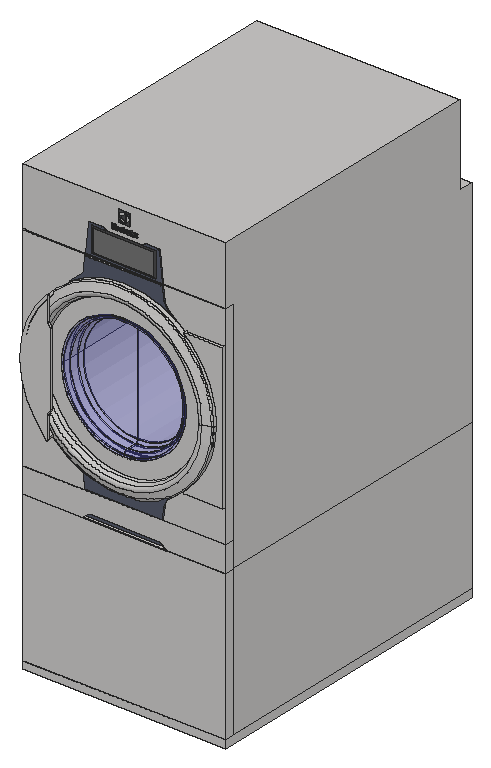
Revit family "TD6-20 Electric", category Attrezzature speciali, Revit 2014
Parameters
  Show Logo [instance] = yes
  Show Clearance [instance] = yes
  Manufacturer = ""
  Model = ""
  Description = ""
Reference planes
  plane 1: z = 0
  plane 2 "BACK": y = 652.5
  plane 3 "FRONT": y = -549.5
  plane 4 "LEFT": x = -799
  plane 5 "RIGHT": x = -6
  plane 6 "TOP": z = 1771
  plane 7: y = -601.5
  plane 8: y = -1323.5
Forms (mm)
  Extrusion 1, solid, material "QF_Finishes_Stainless Steel"
    sketch origin (718.1, -398.1, 598.796) x (0, 0, -1) y (0, 1, 0)
      loop
        line (-14.704, 1050.6) -> (-855.66, 1050.6) -> (-855.66, 994.6) -> (-941.204, 994.6) -> (-941.204, -115.453) -> (-14.704, -115.453) -> (-14.704, 1050.6)
    from -1517.1 to -724.1
  Extrusion 2, solid, material "QF_Finishes_Stainless Steel"
    sketch origin (718.1, -368.1, 598.796) x (0, 0, -1) y (0, 1, 0)
      loop
        line (568.796, -145.453) -> (568.796, 1020.6) -> (-14.704, 1020.6) -> (-14.704, -145.453) -> (568.796, -145.453)
    from -1517.1 to -724.1
  Sweep 3, solid, material "QF_Finishes_Black"
    path origin (686.327, -549.5, 1684.42) x (0, 0, -1) y (1, 0, 0)
      loop
        line (131.445, -962.809) -> (32.707, -962.809) -> (32.707, -1214.809) -> (131.445, -1214.809) -> (131.445, -962.809)
    profile origin (-276.482, -549.5, 1602.344) x (-1, 0, 0) y (0, -1, 0)
      loop
        line (5, 0) -> (5, 5)
        arc (5, 5) -> (1.464, 3.536) -> (0, 0) r 5
        line (0, 0) -> (5, 0)
  Extrusion 4, solid, material "QF_Finishes_Dark Grey"
    sketch origin (686.327, -549.5, 1684.42) x (0, 0, -1) y (1, 0, 0)
      loop
        line (126.445, -1209.809) -> (126.445, -967.809) -> (37.707, -967.809) -> (37.707, -1209.809) -> (126.445, -1209.809)
    from 0 to 4
  Extrusion 5, void
    sketch origin (889, -517.06, 1195.994) x (0, 0, -1) y (1, 0, 0)
      loop
        circle (69.994, -1291.5) r 245
    from -451.9 to 33.109
  Extrusion 6, solid, material "QF_Finishes_Stainless Steel"
    sketch origin (718.1, 596.5, 1540) x (0, 0, -1) y (-1, 0, 0)
      loop
        circle (43, 834.1) r 12.7
    from 0 to 5
  Extrusion 7, solid, material "QF_Finishes_Stainless Steel"
    sketch origin (653.455, 652.5, 172.018) x (0, 0, 1) y (1, 0, 0)
      loop
        circle (67.982, -1277.455) r 100
    from 0 to 5
  Extrusion 8, solid, material "QF_Finishes_Stainless Steel"
    sketch origin (-499, 0, 0) x (0, 1, 0) y (0, 0, 1)
      loop
        line (596.5, 1540) -> (596.5, 1771) -> (-549.5, 1771) -> (-549.5, 1541.816)
        arc (-549.5, 1541.816) -> (-548.968, 1540.532) -> (-547.684, 1540) r 1.816
        line (-547.684, 1540) -> (596.5, 1540)
    from -300 to 493
  Extrusion 9, solid, material "QF_Finishes_Stainless Steel"
    sketch origin (0, 0, 1114.3) x (-1, 0, 0) y (0, -1, 0)
      loop
        line (799, -652.5) -> (799, 549.5) -> (6, 549.5) -> (6, -652.5) -> (799, -652.5)
    from -1114.3 to -1084.3
  Extrusion 10, solid, material "QF_Finishes_Stainless Steel"
    sketch origin (-499, -118.96, 0) x (0, 1, 0) y (0, 0, 1)
      loop
        line (-394.593, 1540) -> (-430.54, 1540) -> (-430.54, 713.5) -> (-394.593, 713.5) -> (-394.593, 1540)
    from -300 to 493
  Extrusion 11, solid, material "QF_Finishes_Stainless Steel"
    sketch origin (-499, -118.96, 0) x (0, 1, 0) y (0, 0, 1)
      loop
        line (-430.54, 713.5) -> (-430.54, 613.5) -> (-394.593, 613.5) -> (-394.593, 713.5) -> (-430.54, 713.5)
    from -300 to 493
  Extrusion 12, solid, material "QF_Finishes_Stainless Steel"
    sketch origin (-499, -118.96, 0) x (0, 1, 0) y (0, 0, 1)
      loop
        line (-394.593, 613.5) -> (-430.54, 613.5) -> (-430.54, 30) -> (-394.593, 30) -> (-394.593, 613.5)
    from -300 to 493
  Sweep 13, solid, material "QF_Finishes_Stainless Steel"
    path origin (-409, -549.5, 1444.576) x (0, 0, -1) y (1, 0, 0)
      loop
        circle (318.576, 6.5) r 366.295
    profile origin (-402.5, -549.5, 1492.295) x (0, 0, -1) y (0, -1, 0)
      loop
        line (0, 0) -> (60.401, 0)
        arc (60.401, 0) -> (59.825, 6.814) -> (57.535, 13.257) r 26.651
        line (57.535, 13.257) -> (49.537, 28.994)
        arc (49.537, 28.994) -> (42.511, 35.32) -> (33.058, 35.302) r 13.156
        line (33.058, 35.302) -> (4.309, 24.168)
        arc (4.309, 24.168) -> (1.18, 21.691) -> (0, 17.88) r 6.744
        line (0, 17.88) -> (0, 0)
  Extrusion 14, solid, material "QF_Finishes_Stainless Steel"
    sketch origin (889, -689.525, 1195.994) x (0, 0, -1) y (1, 0, 0)
      loop
        line (353.669, -897.598) -> (-212.997, -897.549) -> (-213.01, -1046.361)
        arc (-213.01, -1046.361) -> (-212.131, -1048.481) -> (-210.011, -1049.36) r 2.999
        line (-210.011, -1049.36) -> (-204.852, -1049.36)
        arc (-204.852, -1049.36) -> (-80.8, -957.683) -> (69.994, -925.205) r 366.295
        arc (69.994, -925.205) -> (220.927, -957.746) -> (345.042, -1049.589) r 366.295
        line (345.042, -1049.589) -> (350.683, -1049.589)
        arc (350.683, -1049.589) -> (352.804, -1048.711) -> (353.682, -1046.59) r 2.999
        line (353.682, -1046.59) -> (353.669, -897.598)
    from -140.025 to -130.025
  Revolve 15, solid, material "QF_Door-Drawer Clearances", visible <- "Show Clearance", detail levels coarse
    sketch origin (889, -601.5, 1195.994) x (0, 0, -1) y (1, 0, 0)
      loop
        circle (69.994, -1291.5) r 366.295
      axis (69.994, -924.023) -> (68.994, -924.023)
    angle from 0 to -90
  Revolve 16, solid, material "QF_Finishes_Glass"
    sketch origin (-402.863, -289.313, 555.02) x (0, 1, 0) y (0, 0, 1)
      loop
        arc (-190.673, 783.338) -> (-195.066, 793.945) -> (-205.673, 798.338) r 15
        line (-205.673, 798.338) -> (-244.95, 798.338)
        arc (-244.95, 798.338) -> (-252.021, 801.267) -> (-254.95, 808.338) r 10
        line (-254.95, 808.338) -> (-254.95, 816.338) -> (-259.95, 816.338) -> (-259.95, 808.338)
        arc (-259.95, 808.338) -> (-255.556, 797.732) -> (-244.95, 793.338) r 15
        line (-244.95, 793.338) -> (-205.673, 793.338)
        arc (-205.673, 793.338) -> (-198.602, 790.409) -> (-195.673, 783.338) r 10
        line (-195.673, 783.338) -> (-195.673, 570.975) -> (-190.673, 570.975) -> (-190.673, 783.338)
      axis (-259.95, 570.975) -> (-190.673, 570.975)
    angle from 0 to 360
  Extrusion 17, solid, material "QF_Finishes_Stainless Steel"
    sketch origin (-529, -549.5, 1444.576) x (0, 0, -1) y (1, 0, 0)
      loop
        arc (176.622, -119.08) -> (174.216, -119.45) -> (172.033, -120.527) r 8
        line (172.033, -120.527) -> (158.099, -130.284)
        arc (158.099, -130.284) -> (155.934, -131.338) -> (153.554, -131.7) r 8
        line (153.554, -131.7) -> (65.736, -131.7)
        arc (65.736, -131.7) -> (63.285, -133.352) -> (63.896, -136.244) r 2.645
        arc (63.896, -136.244) -> (318.617, -239.419) -> (573.315, -136.187) r 365.919
        arc (573.315, -136.187) -> (573.918, -133.331) -> (571.497, -131.7) r 2.612
        line (571.497, -131.7) -> (483.599, -131.7)
        arc (483.599, -131.7) -> (481.193, -131.33) -> (479.01, -130.253) r 8
        line (479.01, -130.253) -> (465.119, -120.527)
        arc (465.119, -120.527) -> (462.936, -119.45) -> (460.53, -119.08) r 8
        line (460.53, -119.08) -> (176.622, -119.08)
    from 47.713 to 52
  Extrusion 18, solid, material "QF_Finishes_Stainless Steel"
    sketch origin (-529, -601.5, 1444.576) x (0, 0, -1) y (1, 0, 0)
      loop
        arc (63.896, -136.244) -> (318.617, -239.419) -> (573.315, -136.187) r 365.919
        line (573.315, -136.187) -> (563.547, -131.7)
        arc (563.547, -131.7) -> (318.584, -229.419) -> (73.616, -131.711) r 355.919
        line (73.616, -131.711) -> (63.896, -136.244)
    from -4.287 to -34.753
  Extrusion 19, void
    sketch origin (-401.334, -549.5, 611.842) x (0, 0, 1) y (1, 0, 0)
      loop
        arc (1.908, -169.725) -> (2.027, -168.962) -> (2.374, -168.272) r 2.499
        line (2.374, -168.272) -> (21.699, -140.672)
        arc (21.699, -140.672) -> (23.335, -137.382) -> (23.898, -133.751) r 11.994
        line (23.898, -133.751) -> (23.897, 130.467)
        arc (23.897, 130.467) -> (23.336, 134.095) -> (21.703, 137.383) r 11.994
        line (21.703, 137.383) -> (2.374, 164.988)
        arc (2.374, 164.988) -> (2.027, 165.678) -> (1.908, 166.441) r 2.499
        line (1.908, 166.441) -> (1.908, -169.725)
    from 0 to 13.427
  Extrusion 20, solid, material "QF_Finishes_Blue"
    sketch origin (-499, -549.5, 893.425) x (0, 0, 1) y (-1, 0, 0)
      loop
        arc (767.274, 37.584) -> (765.819, 41.099) -> (762.304, 42.555) r 4.971
        line (762.304, 42.555) -> (650.575, 54.795) -> (650.575, -247.832) -> (761.659, -235.663)
        arc (761.659, -235.663) -> (765.63, -234.018) -> (767.274, -230.047) r 5.615
        line (767.274, -230.047) -> (767.274, -186.505)
        arc (767.274, -186.505) -> (766.484, -180.953) -> (764.209, -175.828) r 20.351
        line (764.209, -175.828) -> (758.288, -166.304) -> (758.288, -222.518) -> (659.55, -222.518) -> (659.55, 29.482) -> (758.288, 29.482) -> (758.288, -26.732) -> (764.209, -17.208)
        arc (764.209, -17.208) -> (766.483, -12.086) -> (767.274, -6.538) r 20.35
        line (767.274, -6.538) -> (767.274, 37.584)
    from 0 to 1.6
  Extrusion 21, solid, material "QF_Finishes_Blue"
    sketch origin (-499, -549.5, 893.425) x (0, 0, 1) y (-1, 0, 0)
      loop
        arc (594.486, 60.933) -> (579.244, 65.533) -> (566.695, 75.331) r 43.3
        line (566.695, 75.331) -> (532.276, 114.098)
        arc (532.276, 114.098) -> (598.87, -96.026) -> (532.82, -306.322) r 366.295
        line (532.82, -306.322) -> (566.695, -268.167)
        arc (566.695, -268.167) -> (579.244, -258.37) -> (594.486, -253.77) r 43.3
        line (594.486, -253.77) -> (642.075, -248.6) -> (642.075, 55.764) -> (594.486, 60.933)
    from 0 to 1.6
  Extrusion 22, solid, material "QF_Finishes_Blue"
    sketch origin (-499, -549.5, 893.425) x (0, 0, 1) y (-1, 0, 0)
      loop
        line (-129.403, 60.926) -> (-176.925, 55.764) -> (-176.925, -248.6) -> (-129.403, -253.763)
        arc (-129.403, -253.763) -> (-114.123, -258.355) -> (-101.544, -268.169) r 43.3
        line (-101.544, -268.169) -> (-67.671, -306.321)
        arc (-67.671, -306.321) -> (-133.72, -96.026) -> (-67.127, 114.098) r 366.295
        line (-67.127, 114.098) -> (-101.544, 75.332)
        arc (-101.544, 75.332) -> (-114.123, 65.518) -> (-129.403, 60.926) r 43.3
    from 0 to 1.6
Cuts and joins
  Extrusion 5 cuts Extrusion 1
  Extrusion 5 cuts Extrusion 8
  joined: Extrusion 1, Extrusion 8
  Extrusion 5 cuts Extrusion 10
  Extrusion 19 cuts Extrusion 11
  joined: Sweep 13, Extrusion 14, Extrusion 17, Extrusion 18
Lines and regions (mm)
  Split face 1
    outline origin (-6, -549.5, 1540) x (-1, 0, 0) y (0, 0, -1)
      loop
        circle (396.5, 414) r 305.895
  symbolic lines
    curve 1: line (-6, 652.5, 1771) -> (-799, 652.5, 1771)
    curve 2: line (-799, -549.5, 1771) -> (-6, -549.5, 1771)
    curve 3: line (-6, 652.5, 0) -> (-6, -549.5, 0)
    curve 4: line (-799, 652.5, 0) -> (-799, -549.5, 0)
    curve 6: line (-6, 596.5, 0) -> (-799, 596.5, 0)
  symbolic lines, style "QF_Door-Drawer Clearances", visible <- "Show Clearance"
    curve 5: line (-6, -1323.5, 0) -> (-6, -549.5, 0)
    curve 7: arc (-768.795, -549.5, 0) -> (-549.88, -1096.63, 0) -> (-6, -1323.5, 0) r 761.144
  symbolic lines, style "SpecialityEquipment"
    curve 8: line (-8.549, -559.5, 0) -> (-8.549, -549.5, 0)
    curve 9: line (-160.36, -559.5, 0) -> (-8.549, -559.5, 0)
    curve 10: line (-160.36, -549.5, 0) -> (-160.36, -559.5, 0)
    curve 11: line (-768.419, -601.5, 0) -> (-659.284, -601.5, 0)
    curve 12: line (-659.284, -597.213, 0) -> (-758.419, -597.213, 0)
    curve 13: line (-758.419, -569.602, 0) -> (-758.419, -597.213, 0)
    curve 14: line (-659.284, -597.213, 0) -> (-659.284, -601.5, 0)
    curve 15: line (-768.419, -569.602, 0) -> (-758.419, -569.602, 0)
    curve 16: line (-74.013, -585.689, 0) -> (-758.419, -585.689, 0)
    curve 17: line (-768.419, -569.602, 0) -> (-768.419, -601.5, 0)
    curve 18: line (-40.513, -573.668, 0) -> (-758.419, -573.668, 0)
    curve 19: line (-768.795, -549.5, 0) -> (-768.795, -567.38, 0)
    curve 20: arc (-768.795, -567.38, 0) -> (-768.701, -568.507, 0) -> (-768.419, -569.602, 0) r 6.744
    curve 21: line (-36.205, -559.5, 0) -> (-36.205, -567.38, 0)
    curve 22: line (-40.513, -573.668, 0) -> (-69.262, -584.802, 0)
    curve 23: arc (-36.205, -567.38, 0) -> (-37.385, -571.191, 0) -> (-40.513, -573.668, 0) r 6.744
    curve 24: arc (-74.013, -585.689, 0) -> (-71.597, -585.465, 0) -> (-69.262, -584.802, 0) r 13.156
Dimensions and locks
  plane 4 "LEFT" to plane 5 "RIGHT" = 793 mm
  plane 2 "BACK" to plane 3 "FRONT" = 1202 mm
  plane 6 "TOP" to level = 1771 mm
  Extrusion 2 to Extrusion 2 = 583.5 mm
  Extrusion 6 sketch curve to plane 6 "TOP" = 274 mm
  plane 5 "RIGHT" to Extrusion 6 sketch curve = 110 mm
  level to Extrusion 7 sketch curve = 240 mm
  Extrusion 7 sketch curve to plane 4 "LEFT" = 175 mm
  plane 2 "BACK" to plane 7 = 1254 mm
  plane 2 "BACK" to plane 8 = 1976 mm
  aligned and locked: level to plane 1
  aligned and locked: Extrusion 1 to plane 4 "LEFT"
  aligned and locked: plane 5 "RIGHT" to Extrusion 1
  aligned and locked: Extrusion 2 to plane 4 "LEFT"
  aligned and locked: plane 5 "RIGHT" to Extrusion 2
  aligned and locked: plane 5 "RIGHT" to Extrusion 8
  aligned and locked: Extrusion 8 to plane 4 "LEFT"
  aligned and locked: plane 5 "RIGHT" to Extrusion 12
  aligned and locked: Extrusion 12 to plane 4 "LEFT"
  aligned and locked: Extrusion 11 to plane 4 "LEFT"
  aligned and locked: plane 5 "RIGHT" to Extrusion 11
  aligned and locked: Extrusion 10 to plane 4 "LEFT"
  aligned and locked: plane 5 "RIGHT" to Extrusion 10
  aligned and locked: Extrusion 18 to Extrusion 17
Nested families
  nested 1: "ELX_Logo_S_New" at (-415.511, -549.5, 1674.59) x (1, 0, 0) z (0, -1, 0), visible <- "Show Logo", type "ELX_Logo_S_New"
    with Material QF_Finishes_Black
  nested 2: "ELX_Logo_Symbol_S" at (-394.886, -549.5, 1729.274) x (-1, 0, 0) z (0, -1, 0), visible <- "Show Logo", type "ELX_Logo_Symbol_S"
    with Material QF_Finishes_Black
Connectors
  piping at (-624, 657.5, 240), diameter 200
    settings: on Extrusion 7, index 3, connector inside diameter 609.6 mm, connector length 0 mm, flow factor 0, pipe flow 0.0 L/s, pressure drop 0.0 Pa, fitting loss kfactor 0, connector angle 0.00°, fixture units 0, engagement length 0 mm, angle of deflection 0.00°, flow configuration 1, flow direction 2, fitting loss method 0, system type 7, joint type 0, gender type 0, connector reference index -1, connector utility 0, adjustable connector no, is connector primary yes, connector description "Exhaust Connection"
  electrical at (-116, 601.5, 1497)
    settings: on Extrusion 6, index 4, voltage 0 V, apparent load 0 VA, apparent load phase1 0 VA, apparent load phase2 0 VA, apparent load phase3 0 VA, power factor 1, load classification "Other", number of poles 1, system type 30, power factor state 1, is connector primary yes, connector utility no, sub classification motor no, connector description "Electrical Connection"
Definition of nested family "ELX_Logo_S_New"
  Parameters (values of type "ELX_Logo_S_New")
    Material [instance] = QF_Finishes_Gray
    Default Elevation = 0 mm
  Reference planes
    plane 1 "Centro (Fronte/Retro)": y = 0
    plane 2: z = 0
    plane 3 "Centro (Sinistra/Destra)": x = 0
  Forms (mm)
    Extrusion 1, solid
      sketch origin (0, 0, 0) x (1, 0, 0) y (0, 1, 0)
        loop
          line (-1219.2, 1219.2) -> (-1219.2, -1219.2) -> (1219.2, -1219.2) -> (1219.2, 1219.2) -> (-1219.2, 1219.2)
      from 0 to -304.8
    Extrusion 2, solid, material "QF_Finishes_Gray" <- "Material"
      sketch origin (0, 0, 0) x (1, 0, 0) y (0, 1, 0)
        loop
          spline (-31.006, -2.781) -> (-31.24, -2.771) -> (-31.49, -2.739) -> (-31.748, -2.68) -> (-32.009, -2.591) -> (-32.264, -2.469) -> (-32.508, -2.308) -> (-32.732, -2.105) -> (-32.932, -1.857) -> (-33.099, -1.559) -> (-33.226, -1.207) -> (-33.308, -0.798) -> (-33.337, -0.327)
          line (-33.337, -0.327) -> (-33.337, 1.761) -> (-26.444, 1.761) -> (-26.444, 4.423) -> (-33.338, 4.423) -> (-33.338, 8.299) -> (-26.005, 8.299) -> (-26.005, 10.954) -> (-36.159, 10.954) -> (-36.159, -0.206)
          spline (-36.159, -0.206) -> (-36.134, -0.893) -> (-36.057, -1.54) -> (-35.927, -2.145) -> (-35.743, -2.707) -> (-35.503, -3.222) -> (-35.206, -3.689) -> (-34.85, -4.106) -> (-34.433, -4.47) -> (-33.955, -4.779) -> (-33.414, -5.031) -> (-32.809, -5.223) -> (-32.137, -5.354)
          line (-32.137, -5.354) -> (-31.029, -5.433) -> (-25.809, -5.433) -> (-25.809, -2.781) -> (-31.006, -2.781)
        loop
          line (-23.804, 3.211) -> (-23.804, -5.437) -> (-20.982, -5.437) -> (-20.982, 10.958) -> (-23.804, 10.958) -> (-23.804, 3.211)
        loop
          spline (-7.052, -0.2) -> (-7.034, 0.688) -> (-7.119, 1.546) -> (-7.304, 2.368) -> (-7.586, 3.144) -> (-7.962, 3.868) -> (-8.426, 4.531) -> (-8.977, 5.126) -> (-9.61, 5.644) -> (-10.321, 6.077) -> (-11.107, 6.419) -> (-11.964, 6.66) -> (-12.889, 6.793)
          spline (-12.889, 6.793) -> (-13.767, 6.742) -> (-14.602, 6.592) -> (-15.387, 6.346) -> (-16.116, 6.008) -> (-16.782, 5.583) -> (-17.379, 5.073) -> (-17.902, 4.483) -> (-18.343, 3.816) -> (-18.697, 3.077) -> (-18.958, 2.269) -> (-19.119, 1.395) -> (-19.174, 0.46)
          spline (-19.174, 0.46) -> (-19.121, -0.452) -> (-18.964, -1.304) -> (-18.71, -2.094) -> (-18.362, -2.816) -> (-17.926, -3.468) -> (-17.406, -4.045) -> (-16.808, -4.544) -> (-16.137, -4.96) -> (-15.397, -5.291) -> (-14.594, -5.532) -> (-13.733, -5.679) -> (-12.817, -5.729)
          spline (-12.817, -5.729) -> (-12.371, -5.719) -> (-11.93, -5.685) -> (-11.493, -5.626) -> (-11.062, -5.54) -> (-10.636, -5.425) -> (-10.216, -5.277) -> (-9.8, -5.096) -> (-9.391, -4.879) -> (-8.987, -4.623) -> (-8.588, -4.326) -> (-8.196, -3.987) -> (-7.809, -3.603)
          line (-7.809, -3.603) -> (-9.51, -1.949)
          spline (-9.51, -1.949) -> (-9.734, -2.164) -> (-9.959, -2.362) -> (-10.188, -2.542) -> (-10.422, -2.703) -> (-10.662, -2.846) -> (-10.913, -2.971) -> (-11.174, -3.077) -> (-11.449, -3.163) -> (-11.739, -3.231) -> (-12.047, -3.28) -> (-12.374, -3.309) -> (-12.723, -3.319)
          spline (-12.723, -3.319) -> (-13.234, -3.294) -> (-13.713, -3.219) -> (-14.158, -3.098) -> (-14.568, -2.931) -> (-14.94, -2.72) -> (-15.272, -2.469) -> (-15.562, -2.177) -> (-15.809, -1.849) -> (-16.009, -1.485) -> (-16.162, -1.088) -> (-16.264, -0.659) -> (-16.314, -0.2)
          line (-16.314, -0.2) -> (-7.052, -0.2)
        loop
          spline (-9.888, 1.784) -> (-9.915, 2.133) -> (-9.995, 2.469) -> (-10.124, 2.788) -> (-10.298, 3.088) -> (-10.514, 3.365) -> (-10.768, 3.615) -> (-11.056, 3.836) -> (-11.376, 4.024) -> (-11.722, 4.176) -> (-12.092, 4.289) -> (-12.482, 4.359) -> (-12.889, 4.383)
          spline (-12.889, 4.383) -> (-13.325, 4.36) -> (-13.744, 4.291) -> (-14.144, 4.18) -> (-14.52, 4.03) -> (-14.868, 3.844) -> (-15.186, 3.624) -> (-15.469, 3.375) -> (-15.715, 3.099) -> (-15.919, 2.798) -> (-16.077, 2.477) -> (-16.186, 2.138) -> (-16.243, 1.784)
          line (-16.243, 1.784) -> (-9.888, 1.784)
        loop
          spline (-2.737, 0.532) -> (-2.704, 1.057) -> (-2.61, 1.555) -> (-2.457, 2.022) -> (-2.249, 2.455) -> (-1.991, 2.851) -> (-1.685, 3.205) -> (-1.336, 3.514) -> (-0.948, 3.775) -> (-0.524, 3.984) -> (-0.067, 4.138) -> (0.417, 4.233) -> (0.926, 4.265)
          spline (0.926, 4.265) -> (1.238, 4.255) -> (1.537, 4.226) -> (1.824, 4.178) -> (2.098, 4.112) -> (2.362, 4.027) -> (2.615, 3.925) -> (2.858, 3.806) -> (3.093, 3.67) -> (3.318, 3.518) -> (3.536, 3.349) -> (3.746, 3.165) -> (3.95, 2.966)
          line (3.95, 2.966) -> (5.699, 4.785)
          spline (5.699, 4.785) -> (5.351, 5.133) -> (4.992, 5.446) -> (4.624, 5.724) -> (4.246, 5.969) -> (3.859, 6.181) -> (3.463, 6.362) -> (3.059, 6.512) -> (2.646, 6.633) -> (2.226, 6.725) -> (1.8, 6.79) -> (1.366, 6.828) -> (0.926, 6.841)
          spline (0.926, 6.841) -> (0.044, 6.786) -> (-0.801, 6.626) -> (-1.601, 6.367) -> (-2.349, 6.014) -> (-3.037, 5.573) -> (-3.658, 5.051) -> (-4.204, 4.453) -> (-4.668, 3.785) -> (-5.041, 3.053) -> (-5.318, 2.263) -> (-5.489, 1.421) -> (-5.548, 0.532)
          spline (-5.548, 0.532) -> (-5.489, -0.357) -> (-5.318, -1.199) -> (-5.041, -1.989) -> (-4.668, -2.721) -> (-4.204, -3.389) -> (-3.658, -3.987) -> (-3.037, -4.509) -> (-2.349, -4.95) -> (-1.601, -5.303) -> (-0.801, -5.562) -> (0.044, -5.722) -> (0.926, -5.777)
          spline (0.926, -5.777) -> (1.366, -5.764) -> (1.8, -5.726) -> (2.226, -5.662) -> (2.646, -5.569) -> (3.059, -5.449) -> (3.463, -5.298) -> (3.859, -5.117) -> (4.246, -4.905) -> (4.624, -4.66) -> (4.992, -4.382) -> (5.351, -4.069) -> (5.699, -3.721)
          line (5.699, -3.721) -> (3.95, -1.902)
          spline (3.95, -1.902) -> (3.746, -2.101) -> (3.536, -2.285) -> (3.318, -2.453) -> (3.093, -2.606) -> (2.858, -2.742) -> (2.615, -2.861) -> (2.362, -2.964) -> (2.098, -3.048) -> (1.824, -3.114) -> (1.537, -3.162) -> (1.238, -3.191) -> (0.926, -3.201)
          spline (0.926, -3.201) -> (0.417, -3.169) -> (-0.067, -3.074) -> (-0.524, -2.92) -> (-0.948, -2.711) -> (-1.336, -2.45) -> (-1.685, -2.141) -> (-1.991, -1.787) -> (-2.249, -1.391) -> (-2.457, -0.958) -> (-2.61, -0.491) -> (-2.704, 0.007) -> (-2.737, 0.532)
        loop
          spline (12.895, -2.785) -> (12.646, -2.789) -> (12.379, -2.77) -> (12.102, -2.724) -> (11.82, -2.646) -> (11.542, -2.531) -> (11.274, -2.376) -> (11.024, -2.175) -> (10.797, -1.924) -> (10.602, -1.618) -> (10.445, -1.253) -> (10.334, -0.824) -> (10.275, -0.327)
          line (10.275, -0.327) -> (10.275, 3.855) -> (12.842, 3.855) -> (12.842, 6.419) -> (10.278, 6.419) -> (10.278, 10.958) -> (7.456, 10.958) -> (7.456, -0.488)
          spline (7.456, -0.488) -> (7.516, -1.152) -> (7.626, -1.776) -> (7.785, -2.359) -> (7.996, -2.899) -> (8.26, -3.392) -> (8.577, -3.837) -> (8.951, -4.232) -> (9.38, -4.575) -> (9.868, -4.864) -> (10.415, -5.096) -> (11.023, -5.27) -> (11.693, -5.383)
          line (11.693, -5.383) -> (12.885, -5.437) -> (12.895, -2.785)
        loop
          spline (22.391, 6.583) -> (21.903, 6.613) -> (21.433, 6.605) -> (20.982, 6.558) -> (20.553, 6.476) -> (20.145, 6.358) -> (19.76, 6.207) -> (19.401, 6.022) -> (19.067, 5.807) -> (18.76, 5.561) -> (18.482, 5.286) -> (18.234, 4.984) -> (18.016, 4.655)
          line (18.016, 4.655) -> (18.016, 6.418) -> (15.217, 6.418) -> (15.217, -5.437) -> (18.016, -5.437) -> (18.016, 0.797)
          spline (18.016, 0.797) -> (18.042, 1.269) -> (18.118, 1.71) -> (18.242, 2.117) -> (18.412, 2.488) -> (18.627, 2.822) -> (18.884, 3.117) -> (19.182, 3.371) -> (19.518, 3.583) -> (19.892, 3.751) -> (20.3, 3.873) -> (20.742, 3.947) -> (21.215, 3.972)
          line (21.215, 3.972) -> (22.391, 3.855) -> (22.391, 6.583)
        loop
          spline (35.761, 0.49) -> (35.702, 1.36) -> (35.53, 2.189) -> (35.253, 2.971) -> (34.878, 3.698) -> (34.414, 4.364) -> (33.867, 4.963) -> (33.246, 5.488) -> (32.558, 5.932) -> (31.811, 6.289) -> (31.013, 6.552) -> (30.171, 6.715) -> (29.293, 6.771)
          spline (29.293, 6.771) -> (28.409, 6.715) -> (27.564, 6.552) -> (26.763, 6.289) -> (26.016, 5.932) -> (25.328, 5.488) -> (24.708, 4.963) -> (24.163, 4.364) -> (23.701, 3.698) -> (23.328, 2.971) -> (23.053, 2.189) -> (22.882, 1.36) -> (22.823, 0.49)
          spline (22.823, 0.49) -> (22.882, -0.379) -> (23.053, -1.208) -> (23.328, -1.989) -> (23.701, -2.716) -> (24.163, -3.382) -> (24.708, -3.981) -> (25.328, -4.506) -> (26.016, -4.951) -> (26.763, -5.308) -> (27.564, -5.571) -> (28.409, -5.734) -> (29.293, -5.79)
          spline (29.293, -5.79) -> (30.171, -5.734) -> (31.013, -5.571) -> (31.811, -5.308) -> (32.558, -4.951) -> (33.246, -4.506) -> (33.867, -3.981) -> (34.414, -3.382) -> (34.878, -2.716) -> (35.253, -1.989) -> (35.53, -1.208) -> (35.702, -0.379) -> (35.761, 0.49)
        loop
          spline (32.961, 0.49) -> (32.929, 1.004) -> (32.833, 1.493) -> (32.679, 1.955) -> (32.47, 2.385) -> (32.21, 2.779) -> (31.903, 3.134) -> (31.553, 3.445) -> (31.164, 3.709) -> (30.739, 3.921) -> (30.283, 4.077) -> (29.8, 4.174) -> (29.293, 4.207)
          spline (29.293, 4.207) -> (28.781, 4.174) -> (28.294, 4.077) -> (27.836, 3.921) -> (27.411, 3.709) -> (27.022, 3.445) -> (26.673, 3.134) -> (26.368, 2.779) -> (26.11, 2.385) -> (25.903, 1.955) -> (25.75, 1.493) -> (25.656, 1.004) -> (25.624, 0.49)
          spline (25.624, 0.49) -> (25.656, -0.022) -> (25.75, -0.512) -> (25.903, -0.973) -> (26.11, -1.403) -> (26.368, -1.798) -> (26.673, -2.153) -> (27.022, -2.464) -> (27.411, -2.728) -> (27.836, -2.94) -> (28.294, -3.096) -> (28.781, -3.193) -> (29.293, -3.226)
          spline (29.293, -3.226) -> (29.8, -3.193) -> (30.283, -3.096) -> (30.739, -2.94) -> (31.164, -2.728) -> (31.553, -2.464) -> (31.903, -2.153) -> (32.21, -1.798) -> (32.47, -1.403) -> (32.679, -0.973) -> (32.833, -0.512) -> (32.929, -0.022) -> (32.961, 0.49)
        loop
          line (37.497, 3.493) -> (37.497, -5.437) -> (40.321, -5.437) -> (40.321, 10.958) -> (37.497, 10.958) -> (37.497, 3.493)
        loop
          line (50.501, 6.418) -> (50.501, -0.473)
          spline (50.501, -0.473) -> (50.478, -0.921) -> (50.412, -1.325) -> (50.305, -1.686) -> (50.159, -2.005) -> (49.978, -2.282) -> (49.763, -2.52) -> (49.517, -2.718) -> (49.243, -2.878) -> (48.943, -3.001) -> (48.619, -3.087) -> (48.275, -3.139) -> (47.913, -3.155)
          spline (47.913, -3.155) -> (47.55, -3.139) -> (47.206, -3.088) -> (46.883, -3.001) -> (46.583, -2.879) -> (46.309, -2.72) -> (46.063, -2.523) -> (45.849, -2.287) -> (45.667, -2.012) -> (45.522, -1.696) -> (45.414, -1.339) -> (45.348, -0.94) -> (45.326, -0.498)
          line (45.326, -0.498) -> (45.326, 6.418) -> (42.479, 6.418) -> (42.479, -0.733)
          spline (42.479, -0.733) -> (42.53, -1.543) -> (42.676, -2.28) -> (42.911, -2.945) -> (43.228, -3.537) -> (43.621, -4.058) -> (44.082, -4.508) -> (44.604, -4.888) -> (45.18, -5.197) -> (45.804, -5.437) -> (46.468, -5.607) -> (47.165, -5.709) -> (47.89, -5.743)
          spline (47.89, -5.743) -> (48.62, -5.709) -> (49.323, -5.605) -> (49.993, -5.432) -> (50.621, -5.189) -> (51.203, -4.875) -> (51.729, -4.491) -> (52.194, -4.034) -> (52.59, -3.506) -> (52.91, -2.905) -> (53.147, -2.231) -> (53.295, -1.484) -> (53.346, -0.662)
          line (53.346, -0.662) -> (53.346, 6.418) -> (50.501, 6.418)
        loop
          line (64.026, -1.646) -> (62.246, 0.843) -> (64.45, 3.846) -> (66.338, 6.418) -> (63.257, 6.418) -> (60.692, 2.866) -> (58.105, 6.418) -> (55.047, 6.418) -> (56.801, 4.02) -> (59.14, 0.82) -> (56.689, -2.595) -> (54.647, -5.437) -> (57.682, -5.437) -> (60.692, -1.25) -> (63.703, -5.437) -> (66.738, -5.437) -> (64.026, -1.646)
      from 0 to 1.644
  Dimensions and locks
    aligned and locked: plane 2 to Extrusion 1
    aligned and locked: level to Extrusion 1
Definition of nested family "ELX_Logo_Symbol_S"
  Parameters (values of type "ELX_Logo_Symbol_S")
    Material [instance] = QF_Finishes_Gray
    Default Elevation = 0 mm
  Reference planes
    plane 1 "Centro (Fronte/Retro)": y = 0
    plane 2: z = 0
    plane 3 "Centro (Sinistra/Destra)": x = 0
  Forms (mm)
    Extrusion 1, solid
      sketch origin (0, 0, 0) x (1, 0, 0) y (0, 1, 0)
        loop
          line (-1219.2, 1219.2) -> (-1219.2, -1219.2) -> (1219.2, -1219.2) -> (1219.2, 1219.2) -> (-1219.2, 1219.2)
      from 0 to -304.8
    Extrusion 2, solid, material "QF_Finishes_Gray" <- "Material"
      sketch origin (94.462, 558.781, 0) x (1, 0, 0) y (0, 1, 0)
        loop
          line (-92.971, -571.574) -> (-92.971, -531.14)
          arc (-92.971, -531.14) -> (-107.917, -551.357) -> (-92.971, -571.574) r 21.146
        loop
          arc (-90.914, -571.574) -> (-74.098, -567.752) -> (-65.997, -552.529) r 20.723
          line (-65.997, -552.529) -> (-72.686, -552.529)
          arc (-72.686, -552.529) -> (-84.636, -557.38) -> (-90.914, -568.646) r 19.424
          line (-90.914, -568.646) -> (-90.914, -571.574)
        loop
          arc (-90.914, -534.068) -> (-84.636, -545.334) -> (-72.686, -550.185) r 19.424
          line (-72.686, -550.185) -> (-65.997, -550.185)
          arc (-65.997, -550.185) -> (-74.085, -534.837) -> (-90.914, -530.621) r 21.265
          line (-90.914, -530.621) -> (-90.914, -534.068)
        loop
          line (-64.462, -573.781) -> (-64.462, -528.842) -> (-109.462, -528.842) -> (-109.462, -573.781) -> (-64.462, -573.781)
      from 0 to 1.644
  Dimensions and locks
    aligned and locked: plane 2 to Extrusion 1
    aligned and locked: level to Extrusion 1
